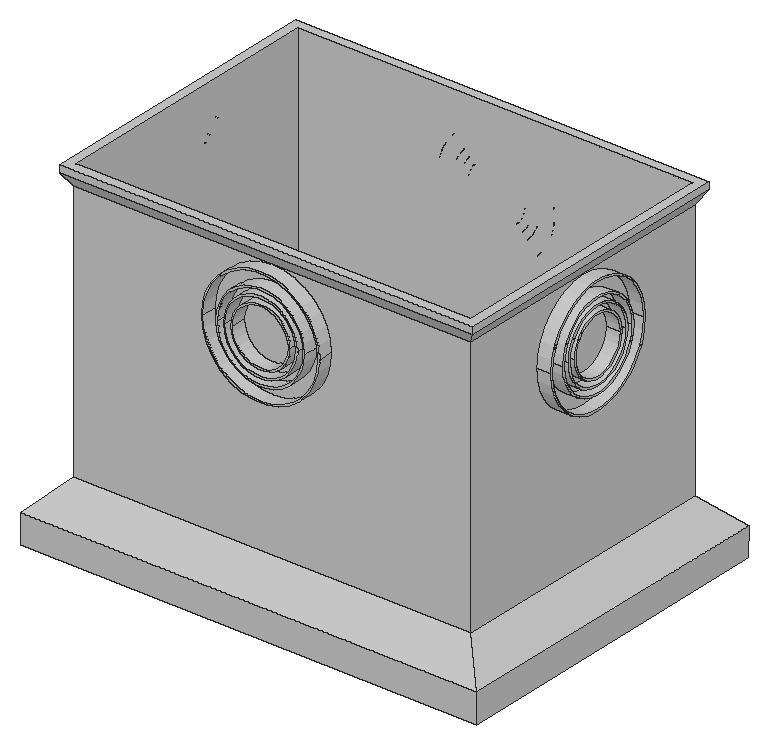
Revit family "FA_КолодецЗаземления_88201_EZETEK", category Системы пожарной сигнализации, Revit 2017
Family settings
  Сохранять ориентацию аннотаций = Нет
  Размер круглого соединителя = Использовать радиус
  Тип детали = Нормальный
  На основе рабочей плоскости = Нет
  Всегда вертикально = Да
  При загрузке вырезать с полостями = Нет
  Общий = Да
  Точка расчета площади = Нет
Parameters (values of type "КолодецЗаземления_88201")
  Угол = 90.00°  # constant formula
  Производитель_Контакты = "ezetek@ezetek.ru"  # constant formula
  Описание = "Колодец заземления изготовлен из пластмассы, позволяет осуществлять осмотр соединения «заземлитель — заземляющий проводник», а также проводить контрольные измерения сопротивления системы заземления. Колодец заземления монтируется в грунт на одном уровне с поверхностью земли. Размер 335х240х255 мм, максимально допустимая нагрузка 12 кг/см 2. Возможное расхождение размеров 5-7% не является браком."  # constant formula
  Использовать масштаб аннотаций [instance] = 1 = 0  # 0
  Изготовитель = "Ezetek"  # constant formula
  Группа модели = "Электролитическое заземление"  # constant formula
  URL = "https://ezetek.ru/"
  ADSK_Этаж [instance] = ""
  ADSK_Примечание [instance] = ""
  ADSK_Позиция [instance] = ""
  ADSK_Обозначение = "88201"
  ADSK_Наименование краткое [instance] = "Колодец заземления"
  ADSK_Наименование = "Колодец заземления контрольно-измерительный 310х210х230 мм, пластик"
  ADSK_Материал = BIMLIB_Пластик_Серый_EZETEK
  ADSK_Масса_Текст = "4.00"  # constant formula
  ADSK_Масса = 4  # constant formula
  ADSK_Марка = "88201"
  ADSK_Количество = 1  # constant formula
  ADSK_Код изделия = "88201"
  ADSK_Завод-изготовитель = "Ezetek"  # constant formula
  ADSK_Единица измерения = "шт."  # constant formula
  ADSK_Группирование [instance] = ""
  ADSK_Версия Revit = "2017"  # constant formula
Reference planes
  plane 1 "По центру (Вперед/Назад)": y = 0
  plane 2: z = 0
  plane 3 "По центру (Влево/Вправо)": x = 0
  plane 4: x = -155
  plane 5: x = 155
  plane 6: y = 115
  plane 7: y = -115
  plane 8: z = 230
  plane 9: z = 225
  plane 10: z = 20
  plane 11: z = 40
  plane 12: z = 216.5
  plane 13: z = 136.5
  plane 14: y = 95
  plane 15: y = -95
  plane 16: x = -135
  plane 17: x = 135
  plane 18: x = 140
  plane 19: x = -140
  plane 20: y = 100
  plane 21: y = -100
  plane 22: y = -105
  plane 23: y = 105
  plane 24: y = 40
  plane 25: y = -40
  plane 26: x = -40
  plane 27: x = 40
  plane 28: x = -145
  plane 29: x = 145
Forms (mm)
  Extrusion 1, solid, material "BIMLIB_Пластик_Серый_EZETEK" <- "ADSK_Материал", detail levels fine
    sketch origin (0, 0, 0) x (1, 0, 0) y (0, 0, 1)
      loop
        circle (0, 176.5) r 40
      loop
        circle (0, 176.5) r 39
      loop
        circle (0, 176.5) r 30
      loop
        circle (0, 176.5) r 29
      loop
        circle (0, 176.5) r 25
      loop
        circle (0, 176.5) r 24
      loop
        circle (0, 176.5) r 20
      loop
        circle (0, 176.5) r 19
    from 105 to 95
  Extrusion 2, solid, material "BIMLIB_Пластик_Серый_EZETEK" <- "ADSK_Материал", detail levels fine
    sketch origin (0, 0, 0) x (1, 0, 0) y (0, 0, -1)
      loop
        circle (0, -176.5) r 40
      loop
        circle (0, -176.5) r 39
      loop
        circle (0, -176.5) r 30
      loop
        circle (0, -176.5) r 29
      loop
        circle (0, -176.5) r 25
      loop
        circle (0, -176.5) r 24
      loop
        circle (0, -176.5) r 20
      loop
        circle (0, -176.5) r 19
    from 105 to 95
  Extrusion 3, solid, material "BIMLIB_Пластик_Серый_EZETEK" <- "ADSK_Материал", detail levels fine
    sketch origin (40, 0, 0) x (0, -1, 0) y (0, 0, -1)
      loop
        circle (0, -176.5) r 40
      loop
        circle (0, -176.5) r 39
      loop
        circle (0, -176.5) r 30
      loop
        circle (0, -176.5) r 29
      loop
        circle (0, -176.5) r 25
      loop
        circle (0, -176.5) r 24
      loop
        circle (0, -176.5) r 20
      loop
        circle (0, -176.5) r 19
    from 105 to 95
  Extrusion 4, solid, material "BIMLIB_Пластик_Серый_EZETEK" <- "ADSK_Материал", detail levels fine
    sketch origin (-40, 0, 0) x (0, -1, 0) y (0, 0, 1)
      loop
        circle (0, 176.5) r 40
      loop
        circle (0, 176.5) r 39
      loop
        circle (0, 176.5) r 30
      loop
        circle (0, 176.5) r 29
      loop
        circle (0, 176.5) r 25
      loop
        circle (0, 176.5) r 24
      loop
        circle (0, 176.5) r 20
      loop
        circle (0, 176.5) r 19
    from 105 to 95
  Sweep 5, solid, material "BIMLIB_Пластик_Серый_EZETEK" <- "ADSK_Материал", detail levels fine
    path origin (0, 0, 0) x (1, 0, 0) y (0, 1, 0)
      loop
        line (-135, 95) -> (-135, -95) -> (135, -95) -> (135, 95) -> (-135, 95)
    profile origin (0, 95, 0) x (0, 1, 0) y (0, 0, 1)
      loop
        line (-0.963, 230) -> (-0.963, 0) -> (20, 0) -> (20, 20) -> (0, 40) -> (0, 216.5) -> (5, 225) -> (5, 230) -> (-0.963, 230)
  Extrusion 6, solid, material "BIMLIB_Пластик_Серый_EZETEK" <- "ADSK_Материал", detail levels fine
    sketch origin (0, 0, 0) x (1, 0, 0) y (0, 1, 0)
      loop
        line (-134.037, 94.037) -> (-134.037, -94.037) -> (134.037, -94.037) -> (134.037, 94.037) -> (-134.037, 94.037)
    from 1 to 0
Dimensions and locks
  equal spacing: plane 4, plane 3 "По центру (Влево/Вправо)", plane 5
  locked: plane 4 to plane 5 at 310
  equal spacing: plane 6, plane 1 "По центру (Вперед/Назад)", plane 7
  locked: plane 6 to plane 7 at 230
  locked: plane 8 to plane 2 at 230
  locked: plane 8 to plane 9 at 5
  locked: plane 10 to plane 2 at 20
  locked: plane 11 to plane 10 at 20
  plane 9 to plane 12 = 8.5 mm  (x2)
  locked: plane 12 to plane 13 at 80
  plane 5 to plane 4 = 310 mm
  plane 8 to plane 2 = 230 mm  (x2)
  plane 6 to plane 7 = 230 mm
  locked: plane 6 to plane 14 at 20
  locked: plane 15 to plane 7 at 20
  plane 8 to plane 9 = 5 mm
  plane 12 to plane 13 = 80 mm
  plane 11 to plane 10 to plane 2 = 20 mm, 20 mm
  locked: plane 16 to plane 4 at 20
  locked: plane 5 to plane 17 at 20
  locked: plane 16 to plane 19 at 5
  locked: plane 17 to plane 18 at 5
  locked: plane 21 to plane 15 at 5
  locked: plane 20 to plane 14 at 5
  locked: plane 23 to plane 14 at 10
  locked: plane 15 to plane 22 at 10
  equal spacing: plane 24, plane 1 "По центру (Вперед/Назад)", plane 25
  locked: plane 25 to plane 24 at 80
  equal spacing: plane 26, plane 3 "По центру (Влево/Вправо)", plane 27
  locked: plane 26 to plane 27 at 80
  locked: Extrusion 6 to plane 2 at 1
  aligned and locked: level to plane 2
  aligned and locked: plane 22 to Extrusion 1
  aligned and locked: Extrusion 1 to plane 15
  aligned and locked: plane 23 to Extrusion 2
  aligned and locked: Extrusion 2 to plane 14
  aligned and locked: Extrusion 3 to plane 29
  aligned and locked: plane 17 to Extrusion 3
  aligned and locked: Extrusion 4 to plane 28
  aligned and locked: plane 16 to Extrusion 4
  aligned and locked: Extrusion 6 sketch curve to Sweep 5  (x4)
  aligned and locked: Extrusion 6 to plane 2
Automatic sketch dimensions
  Extrusion 1 sketch curve to Extrusion 1 sketch curve = 0 mm  (x56)
  Extrusion 1 sketch curve to plane 3 "По центру (Влево/Вправо)" = 0 mm
  Extrusion 1 sketch curve to plane 12 = 40 mm
  Extrusion 2 sketch curve to Extrusion 2 sketch curve = 0 mm  (x56)
  Extrusion 2 sketch curve to plane 3 "По центру (Влево/Вправо)" = 0 mm
  Extrusion 2 sketch curve to plane 12 = 40 mm
  Extrusion 3 sketch curve to Extrusion 3 sketch curve = 0 mm  (x56)
  Extrusion 3 sketch curve to plane 1 "По центру (Вперед/Назад)" = 0 mm
  Extrusion 3 sketch curve to plane 12 = 40 mm
  Extrusion 4 sketch curve to Extrusion 4 sketch curve = 0 mm  (x56)
  Extrusion 4 sketch curve to plane 1 "По центру (Вперед/Назад)" = 0 mm
  Extrusion 4 sketch curve to plane 12 = 40 mm
  Sweep 5 sketch curve to plane 2 = 0 mm
  Sweep 5 sketch curve to profile plane = 0 mm
  Sweep 5 sketch curve to profile plane = 5 mm
  Sweep 5 sketch curve to profile plane = 20 mm
  plane 2 to Sweep 5 sketch curve = 20 mm
  Sweep 5 sketch curve to Sweep 5 sketch curve = 20 mm
  Sweep 5 sketch curve to Sweep 5 sketch curve = 176.5 mm
  Sweep 5 sketch curve to Sweep 5 sketch curve = 8.5 mm
  Sweep 5 sketch curve to Sweep 5 sketch curve = 5 mm
  profile plane to Sweep 5 sketch curve = 0.963 mm
  plane 15 to Sweep 5 sketch curve = 0 mm
  Sweep 5 sketch curve to plane 16 = 0 mm
  Sweep 5 sketch curve to plane 17 = 0 mm
  Sweep 5 sketch curve to plane 14 = 0 mm
  radius of Extrusion 1 sketch curve = 40 mm
  radius of Extrusion 1 sketch curve = 39 mm
  radius of Extrusion 1 sketch curve = 30 mm
  radius of Extrusion 1 sketch curve = 29 mm
  radius of Extrusion 1 sketch curve = 25 mm
  radius of Extrusion 1 sketch curve = 24 mm
  radius of Extrusion 1 sketch curve = 20 mm
  radius of Extrusion 1 sketch curve = 19 mm
  radius of Extrusion 2 sketch curve = 40 mm
  radius of Extrusion 2 sketch curve = 39 mm
  radius of Extrusion 2 sketch curve = 30 mm
  radius of Extrusion 2 sketch curve = 29 mm
  radius of Extrusion 2 sketch curve = 25 mm
  radius of Extrusion 2 sketch curve = 24 mm
  radius of Extrusion 2 sketch curve = 20 mm
  radius of Extrusion 2 sketch curve = 19 mm
  radius of Extrusion 3 sketch curve = 40 mm
  radius of Extrusion 3 sketch curve = 39 mm
  radius of Extrusion 3 sketch curve = 30 mm
  radius of Extrusion 3 sketch curve = 29 mm
  radius of Extrusion 3 sketch curve = 25 mm
  radius of Extrusion 3 sketch curve = 24 mm
  radius of Extrusion 3 sketch curve = 20 mm
  radius of Extrusion 3 sketch curve = 19 mm
  radius of Extrusion 4 sketch curve = 40 mm
  radius of Extrusion 4 sketch curve = 39 mm
  radius of Extrusion 4 sketch curve = 30 mm
  radius of Extrusion 4 sketch curve = 29 mm
  radius of Extrusion 4 sketch curve = 25 mm
  radius of Extrusion 4 sketch curve = 24 mm
  radius of Extrusion 4 sketch curve = 20 mm
  radius of Extrusion 4 sketch curve = 19 mm
